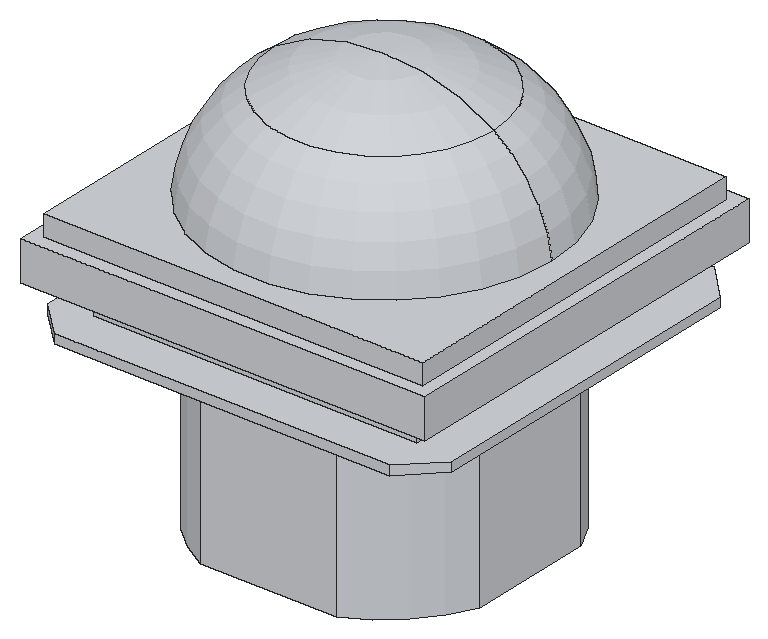
Revit family "Gira_126565", category Electrical Fixtures, host Face, Revit 2017
Family settings
  Host = Face
  Maintain Annotation Orientation = Yes
  Round Connector Dimension = Use Diameter
  Part Type = Normal
  Cut with Voids When Loaded = No
  Shared = No
  Room Calculation Point = No
Parameters (values of type "Colour camera door st. Gira TX_44 (WP FM) c.alum.")
  URL = "http://katalog.gira.de/en/datenblatt.html?artikelnr=126565"
  Name = "Colour camera door st. Gira TX_44 (WP FM) c.alum."
  Mounting method = "Built-in"
  Material = "Other"
  Manufacturer URL = "https://www.gira.de/"
  Manufacturer = "Gira"
  Keynote = ""
  Installation technique = "Bus system"
  HeinzeBIM = "https://bimportal.heinze.de/bim/colour-camera-door-st-gira-tx-44-wp-fm-c-alum-/9446103d02192e686a8e3b5e2b5bfbfa6e29ccbf"
  HAN = "126565"
  GTIN = "4010337265658"
  Description = "Colour camera door st. TX_44 CAl,Colour camera for door station,,colour aluminium,Features:,- Installation in a conventional flush-mounted device box.,- Fits in the cover frames of the Gira TX_44 switch range.,- Modular design, allowing easy installation and expandability.,- Signal transmission and supply of the audio and video components via reverse-polarity-protected and short-circuit-proof 2-wire bus.,- Extension of door stations by a colour camera with automatic day or night switching.,- LEDs ensure steady illumination of the field of view at close proximity in night mode.,- Camera can be manually swivelled 20 horizontally and vertically. In combination with the wide-angle lens, a very wide field of view of the door entry area results.,- Automatic background lighting compensation.,- Automatic white balance.,- Automatic gain control (AGC).,- Integrated temperature-dependent camera heating.,- Sprayed-water proof cover plate.,- Camera cover plate made of shock-resistant plastic. Easy to replace if damaged, e.g. due to vandalism.,,Notes :,- The colour camera may not be positioned directly beneath a light.,- Suitable for use in a Gira energy profile.,- Not suitable for use in a Gira energy profile with light."
  Default Elevation = 1219.2 mm
  Data sheet (1) = "https://katalog.gira.de/en/download.html?artikelnr=126565"
  Colour = "Silver"
  Category = "External camera door communication"
  BIM (1) = "https://media.stage.bim.site/public/gira/36a6b08/TX44_Komplettgerät_Kamera.rfa?public/gira/36a6b08/TX44_Komplettgerät_Kamera.rfa"
  Available = "No"
Reference planes
  plane 1 "Center (Front/Back)": y = 0
  plane 2: z = 0
  plane 3 "Center (Left/Right)": x = 0
Forms (mm)
  Revolve 1, solid, detail levels fine
    sketch origin (0, 0, 0) x (1, 0, 0) y (0, 0, 1)
      loop
        arc (0, 32.748) -> (-9.934, 31.444) -> (-19.061, 27.309) r 34.111
        arc (-19.061, 27.309) -> (-26.095, 20.079) -> (-29.256, 10.5) r 22.465
        line (-29.256, 10.5) -> (0, 10.5) -> (0, 32.748)
      axis (0, 32.748) -> (0, 10.5)
    angle from 0 to 360
  Extrusion 2, solid, detail levels fine
    sketch origin (0, 0, 0) x (1, 0, 0) y (0, 1, 0)
      loop
        line (-33.15, 33.15) -> (-33.15, -33.15) -> (33.15, -33.15) -> (33.15, 33.15) -> (-33.15, 33.15)
    from 6.9 to 10.5
  Extrusion 3, solid, detail levels fine
    sketch origin (0, 0, 0) x (1, 0, 0) y (0, 1, 0)
      loop
        line (-35.383, -35.464) -> (35.383, -35.464) -> (35.383, 35.383) -> (-35.383, 35.383) -> (-35.383, -35.464)
    from 0 to 6.9
  Extrusion 4, solid, detail levels fine
    sketch origin (0, 0, 0) x (1, 0, 0) y (0, 1, 0)
      loop
        line (-25.6, 11.011) -> (-25.6, -11.175)
        arc (-25.6, -11.175) -> (-20.039, -19.494) -> (-11.9, -25.317) r 27.9
        line (-11.9, -25.317) -> (11.9, -25.317)
        arc (11.9, -25.317) -> (20.039, -19.494) -> (25.6, -11.175) r 27.9
        line (25.6, -11.175) -> (25.6, 11.011)
        arc (25.6, 11.011) -> (19.903, 19.47) -> (11.547, 25.317) r 27.9
        line (11.547, 25.317) -> (-11.547, 25.317)
        arc (-11.547, 25.317) -> (-19.903, 19.47) -> (-25.6, 11.011) r 27.9
    from -40.35 to -7.55
  Extrusion 5, solid, detail levels fine
    sketch origin (0, 0, 0) x (1, 0, 0) y (0, 1, 0)
      loop
        line (-29.35, 35.268) -> (-35.35, 29.268) -> (-35.35, -29.432) -> (-29.35, -35.432) -> (29.35, -35.432) -> (35.35, -29.432) -> (35.35, 29.268) -> (29.35, 35.268) -> (-29.35, 35.268)
    from -7.55 to -5.95
  Extrusion 6, solid, detail levels medium+fine
    sketch origin (0, 0, 0) x (1, 0, 0) y (0, 1, 0)
      loop
        line (-28.231, 28.231) -> (-28.231, -28.231) -> (28.231, -28.231) -> (28.231, 28.231) -> (-28.231, 28.231)
    from -5.95 to 0
  Extrusion 7, solid, detail levels fine
    sketch origin (0, 0, 0) x (1, 0, 0) y (0, 0, 1)
      loop
        line (-7.147, -40.35) -> (-7.147, -46.05) -> (7.153, -46.05) -> (7.153, -40.35) -> (-7.147, -40.35)
    from -22.856 to -17.807
  Extrusion 8, solid, detail levels medium
    sketch origin (0, 0, 0) x (1, 0, 0) y (0, 1, 0)
      loop
        line (-25.6, -25.317) -> (25.6, -25.317) -> (25.6, 25.317) -> (-25.6, 25.317) -> (-25.6, -25.317)
    from -46.05 to -7.55
  Extrusion 9, solid, detail levels medium
    sketch origin (0, 0, 0) x (1, 0, 0) y (0, 1, 0)
      loop
        line (35.35, 35.268) -> (-35.35, 35.268) -> (-35.35, -35.432) -> (35.35, -35.432) -> (35.35, 35.268)
    from -7.55 to -5.95
  Extrusion 10, solid, detail levels medium
    sketch origin (0, 0, 0) x (1, 0, 0) y (0, 1, 0)
      loop
        line (-35.383, -35.464) -> (35.383, -35.464) -> (35.383, 35.383) -> (-35.383, 35.383) -> (-35.383, -35.464)
    from 0 to 10.5
  Extrusion 11, solid, detail levels medium
    sketch origin (0, 0, 0) x (1, 0, 0) y (0, 1, 0)
      loop
        circle (0, 0) r 29.256
    from 10.5 to 32.8
  Extrusion 12, solid, detail levels coarse
    sketch origin (0, 0, 0) x (1, 0, 0) y (0, 1, 0)
      loop
        line (-35.383, -35.464) -> (35.383, -35.464) -> (35.383, 35.383) -> (-35.383, 35.383) -> (-35.383, -35.464)
    from -46.05 to 32.8
Dimensions and locks
  aligned and locked: plane 2 to host face
  aligned and locked: level to host face
  aligned and locked: plane 3 "Center (Left/Right)" to nested 1
  aligned and locked: plane 1 "Center (Front/Back)" to nested 1
Nested families
  nested 1: "Kamera" at (0, 0, 0), type "Kamera"
Connectors
  electrical at (0, -0.041, -46.05)
    settings: on Extrusion 12, index 1, voltage 220 V, apparent load 0 VA, apparent load phase1 0 VA, apparent load phase2 0 VA, apparent load phase3 0 VA, power factor 1, load classification "Other", number of poles 1, system type 30, power factor state 1, is connector primary yes, connector utility no, sub classification motor no, connector description ""
Definition of nested family "Kamera"
  Reference planes
    plane 1: y = 0
    plane 2: x = 0
  Lines and regions (mm)
    detail lines
      curve 1: line (-2.625, 3, 0) -> (-2.625, 0, 0)
      curve 2: line (-2.625, 0, 0) -> (1.746, 0, 0)
      curve 3: line (-2.625, 3, 0) -> (1.746, 3, 0)
      curve 4: line (-1.736, 2.158, 0) -> (-1.736, 0.828, 0)
      curve 5: line (-1.736, 2.158, 0) -> (1.478, 2.158, 0)
      curve 6: line (-1.736, 0.828, 0) -> (1.478, 0.828, 0)
      curve 7: line (1.746, 3, 0) -> (1.746, 2.3, 0)
      curve 8: line (1.478, 2.158, 0) -> (2.625, 2.768, 0)
      curve 9: line (2.625, 0.218, 0) -> (2.625, 2.768, 0)
      curve 10: line (1.478, 0.828, 0) -> (2.625, 0.218, 0)
      curve 11: line (1.746, 0, 0) -> (1.746, 0.685, 0)
